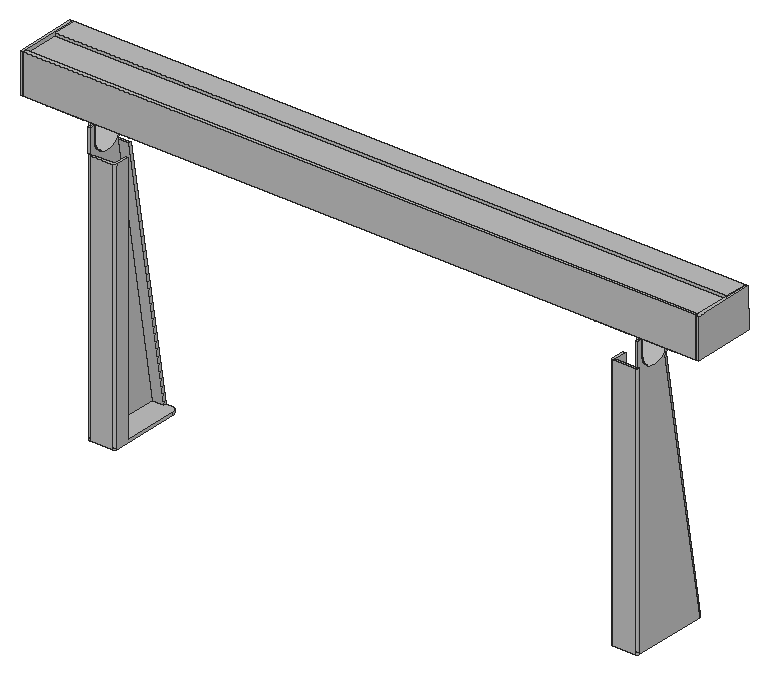
Revit family "4070750+4070747+4070772 Feilo Sylvania Lighting Fixtures CURSUS 591MM 365LM WIDE LED 3K with SINGLE WALL HOUSING with 250MM WALL BRACKET", category Lighting Fixtures, host Face, Revit 2017
Family settings
  Host = Face
  Round Connector Dimension = Use Diameter
  Part Type = Normal
  OmniClass Number = 23.80.70.14
  OmniClass Title = Luminaries for External Lighting
  Cut with Voids When Loaded = Yes
  Light Source = No
  Shared = No
  Room Calculation Point = No
Parameters (values of type "4070750 CURSUS 591MM 365LM WIDE LED 3K")
  Weight = "1.2 kg"
  Wattage Comments = "n/a"
  WarrantyStartDate [instance] = "n/a"
  WarrantyGuarantorParts = "n/a"
  WarrantyDurationUnit = "n/a"
  WarrantyDurationParts = "n/a"
  WarrantyDescription = "n/a"
  Voltage = 24 V
  URL = "http://www.sylvania-lighting.com"
  TypeName = "CURSUS 591MM 365LM WIDE LED 3K"
  TypeFixture_FEILO = CURSUS with SINGLE WALL HOUSING : CURSUS 591MM 365LM WIDE LED 3K
  Type Image = <None>
  Type Comments = "n/a"
  TiltAngle [instance] = 0.00°
  StartAngle [instance] = TiltAngle + 270.00°  # 270.00°
  SerialNumber [instance] = "n/a"
  ReflectorMaterial = none
  PowerFactor = 0
  PowerConsumption = "9 W"
  NominalLength = 591 mm
  NominalHeight = 50 mm
  NominalDepth = 30 mm
  Name = "CURSUS 591MM 365LM WIDE LED 3K"
  ModelReference = Name  # "CURSUS 591MM 365LM WIDE LED 3K"
  ModelNumber = "4070750"
  Model = Name  # "CURSUS 591MM 365LM WIDE LED 3K"
  Material = "natural anodised extruded aluminium structure housing"
  ManufacturerName = "Feilo Sylvania"
  Manufacturer = "Feilo Sylvania"
  LuminousEfficacy = "40.55 lm/W"
  LuminaireType = ""
  LightOutputRatio = "100"
  LampsType = Lamp  # "LED"
  LampNominalLuminous = "365 lm"
  LampMacAdamStep = "n/a"
  LampColourTemperature = "3000 K"
  LampColourRenderingIndex = "80"
  Lamp = "LED"
  Keynote = "16500"
  InstallationDate [instance] = "n/a"
  InputVoltage = "24V DC"
  InputNominalFrequency = "n/a"
  IngressProtection = "IP67"
  ImpactProtectionIndex = "IK07"
  IfcExportType = "IfcLightFixtureType"
  IfcExportAs = "IfcLightFixtureType"
  ExpectedLife = 50000
  EndAngle [instance] = StartAngle - 180.00°  # 90.00°
  ElectricShockClassification = "Class III"
  DurationUnit = "hours"
  DocumentationLiterature = "http://www.sylvania-lighting.com/product/en-int/products/4070750"
  DimmingControlOptions = "n/a"
  DiffuserMaterial = Diffuser-Sylvania-Glow
  Description = "LED Exterior Lighting Recessed Surface Mounted Linear Fixture, Natural anodised extruded aluminium structure. Die-cast aluminium end caps. Installation kit with harmonic steel springs., 365 lm, 9W, 40lm/W, 3000K, CRI80+,non dimmable,IP67, IK07, (HxWxD) 591x50x30mm, 3 step Mac Adam Ellipse, 1.2kg,, Classe III, 21-25V-DC, energy class : A++, A+, A"
  Default Elevation = 1219.2 mm
  CreatedOn = "1/8/2018"
  CreatedBy = ""
  Cost = 0
  built-in parameter 1114216 [instance] = (empty or 0)
  ClassificationValue = "EF_70_80"
  ClassificationName = "Uniclass2015"
  BracketWidth = 24 mm
  BracketThickness = 2 mm
  BracketHeightEnd = 32 mm
  BracketHeight = 70 mm
  BracketFlange = BracketHeight / 5  # 14 mm
  BracketExtension = 250 mm
  BracketEndReduction = 25 mm
  BracketC = 22 mm  # constant formula
  BracketDistance = 460 mm
  BracketD = BracketHeightEnd - (BracketC * (BracketHeight - BracketHeightEnd) / (BracketExtension - BracketEndReduction))  # 28.284 mm
  BodyMaterial = Body-Sylvania-Gray
  BarCode [instance] = "n/a"
  AssetType = "Fixed"
  AssetIdentifier [instance] = "n/a"
  Assembly Code = "D5020200"
  Apparent Load = 9 VA
  AccessoryMaterial = Diffuser-Sylvania-Glow
Reference planes
  plane 1 "Center (Front/Back)": y = 0
  plane 2: z = 0
  plane 3 "Center (Left/Right)": x = 0
  plane 4: x = -242
  plane 5: x = 242
  plane 6: y = 70
  plane 7: x = -218
  plane 8: x = 218
  plane 9: z = 250
  plane 10: z = 236
  plane 11: z = 2
  plane 12: z = 225
  plane 13: x = -240
  plane 14: y = 68
  plane 15: y = 2
  plane 16: x = -220
  plane 17: x = 220
  plane 18: x = 240
  plane 19: x = -230
  plane 20: x = 230
  plane 21: y = 14
  plane 22: y = 32
  plane 23: y = 30
  plane 24: z = 247
  plane 25: y = 28.284
  plane 26: y = 16
Forms (mm)
  Blend 1, solid, material "Body-Sylvania-Gray" <- "BodyMaterial"
    base sketch origin (1223.4, -4572, 2) x (0, -1, 0) y (1, 0, 0)
      loop
        line (-4640, -1453.4) -> (-4642, -1453.4) -> (-4642, -1463.4)
        arc (-4642, -1463.4) -> (-4641.414, -1464.814) -> (-4640, -1465.4) r 2
        line (-4640, -1465.4) -> (-4574, -1465.4)
        arc (-4574, -1465.4) -> (-4572.586, -1464.814) -> (-4572, -1463.4) r 2
        line (-4572, -1463.4) -> (-4572, -1443.4)
        arc (-4572, -1443.4) -> (-4572.586, -1441.986) -> (-4574, -1441.4) r 2
        line (-4574, -1441.4) -> (-4586, -1441.4) -> (-4586, -1443.4) -> (-4574, -1443.4) -> (-4574, -1463.4) -> (-4640, -1463.4) -> (-4640, -1453.4)
    top sketch origin (1223.4, -4572, 2) x (0, -1, 0) y (1, 0, 0)
      loop
        line (-4586, -1443.4) -> (-4574, -1443.4) -> (-4574, -1463.4) -> (-4602, -1463.4) -> (-4602, -1453.4) -> (-4604, -1453.4) -> (-4604, -1463.4)
        arc (-4604, -1463.4) -> (-4603.52, -1464.71) -> (-4602.309, -1465.4) r 2.028
        line (-4602.309, -1465.4) -> (-4574, -1465.4)
        arc (-4574, -1465.4) -> (-4572.586, -1464.814) -> (-4572, -1463.4) r 2
        line (-4572, -1463.4) -> (-4572, -1443.4)
        arc (-4572, -1443.4) -> (-4572.586, -1441.986) -> (-4574, -1441.4) r 2
        line (-4574, -1441.4) -> (-4586, -1441.4) -> (-4586, -1443.4)
    from 0 to 223
  Extrusion 2, solid, material "Body-Sylvania-Gray" <- "BodyMaterial"
    sketch origin (0, 0, 0) x (1, 0, 0) y (0, 1, 0)
      loop
        arc (-240, 70) -> (-241.414, 69.414) -> (-242, 68) r 2
        line (-242, 68) -> (-242, 2)
        arc (-242, 2) -> (-241.414, 0.586) -> (-240, 0) r 2
        line (-240, 0) -> (-220, 0)
        arc (-220, 0) -> (-218.586, 0.586) -> (-218, 2) r 2
        line (-218, 2) -> (-218, 62.5)
        arc (-218, 62.5) -> (-220.197, 67.803) -> (-225.5, 70) r 7.5
        line (-225.5, 70) -> (-240, 70)
      loop
        line (240, 70) -> (225.5, 70)
        arc (225.5, 70) -> (220.197, 67.803) -> (218, 62.5) r 7.5
        line (218, 62.5) -> (218, 2)
        arc (218, 2) -> (218.586, 0.586) -> (220, 0) r 2
        line (220, 0) -> (240, 0)
        arc (240, 0) -> (241.414, 0.586) -> (242, 2) r 2
        line (242, 2) -> (242, 68)
        arc (242, 68) -> (241.414, 69.414) -> (240, 70) r 2
    from 0 to 2
  Blend 3, solid, material "Body-Sylvania-Gray" <- "BodyMaterial"
    base sketch origin (1223.4, -4572, 2) x (0, -1, 0) y (1, 0, 0)
      loop
        line (-4640, -983.4) -> (-4574, -983.4) -> (-4574, -1003.4) -> (-4586, -1003.4) -> (-4586, -1005.4) -> (-4574, -1005.4)
        arc (-4574, -1005.4) -> (-4572.586, -1004.814) -> (-4572, -1003.4) r 2
        line (-4572, -1003.4) -> (-4572, -983.4)
        arc (-4572, -983.4) -> (-4572.586, -981.986) -> (-4574, -981.4) r 2
        line (-4574, -981.4) -> (-4640, -981.4)
        arc (-4640, -981.4) -> (-4641.414, -981.986) -> (-4642, -983.4) r 2
        line (-4642, -983.4) -> (-4642, -993.4) -> (-4640, -993.4) -> (-4640, -983.4)
    top sketch origin (1223.4, -4572, 2) x (0, -1, 0) y (1, 0, 0)
      loop
        line (-4602, -993.4) -> (-4602, -983.4) -> (-4574, -983.4) -> (-4574, -1003.4) -> (-4586, -1003.4) -> (-4586, -1005.4) -> (-4574, -1005.4)
        arc (-4574, -1005.4) -> (-4572.586, -1004.814) -> (-4572, -1003.4) r 2
        line (-4572, -1003.4) -> (-4572, -983.4)
        arc (-4572, -983.4) -> (-4572.586, -981.986) -> (-4574, -981.4) r 2
        line (-4574, -981.4) -> (-4602, -981.4)
        arc (-4602, -981.4) -> (-4603.414, -981.986) -> (-4604, -983.4) r 2
        line (-4604, -983.4) -> (-4604, -993.4) -> (-4602, -993.4)
    from 0 to 223
  Blend 4, solid, material "Body-Sylvania-Gray" <- "BodyMaterial"
    base sketch origin (1223.4, -4572, 225) x (0, -1, 0) y (1, 0, 0)
      loop
        line (-4604, -1465.4) -> (-4572, -1465.4) -> (-4572, -1463.4) -> (-4604, -1463.4) -> (-4604, -1465.4)
    top sketch origin (1223.4, -4572, 225) x (0, -1, 0) y (1, 0, 0)
      loop
        line (-4572, -1465.4) -> (-4572, -1463.4) -> (-4600.284, -1463.4) -> (-4600.284, -1465.4) -> (-4572, -1465.4)
    from 0 to 22
  Blend 5, solid, material "Body-Sylvania-Gray" <- "BodyMaterial"
    base sketch origin (1223.4, -4572, 225) x (0, -1, 0) y (1, 0, 0)
      loop
        line (-4604, -983.4) -> (-4572, -983.4) -> (-4572, -981.4) -> (-4604, -981.4) -> (-4604, -983.4)
    top sketch origin (1223.4, -4572, 225) x (0, -1, 0) y (1, 0, 0)
      loop
        line (-4572, -981.4) -> (-4600.284, -981.4) -> (-4600.284, -983.4) -> (-4572, -983.4) -> (-4572, -981.4)
    from 0 to 22
  Extrusion 6, void
    sketch origin (0, 0, 0) x (0, 1, 0) y (0, 0, 1)
      loop
        line (0, 225) -> (2, 225) -> (2, 226.5) -> (0, 226.5) -> (0, 225)
      loop
        line (32, 225) -> (32, 226.5) -> (30, 226.5) -> (30, 225) -> (32, 225)
    from -242 to 242
  Revolve 7, solid, not visible
    sketch origin (1524, 16, 1219.2) x (1, 0, 0) y (0, 0, 1)
      loop
        line (-1524, -972.2) -> (-1524, -983.2) -> (-1294, -983.2) -> (-1294, -972.2) -> (-1524, -972.2)
      axis (-1294, -983.2) -> (-1524, -983.2)
    angle from 270 <- "StartAngle" to 90 <- "EndAngle"
Cuts and joins
  Extrusion 6 cuts Blend 4
  Extrusion 6 cuts Blend 5
  joined: Blend 1, Extrusion 2, Blend 3, Blend 4, Blend 5
Lines and regions (mm)
  reference lines, not visible
    curve 1: line (-218, 16, 236) -> (218, 16, 236)
Dimensions and locks
  equal spacing: plane 4, plane 3 "Center (Left/Right)", plane 5
  "BracketDistance": plane 19 to plane 20
  "BracketHeight": plane 1 "Center (Front/Back)" to plane 6
  equal spacing: plane 7, plane 3 "Center (Left/Right)", plane 8
  "BracketWidth": plane 4 to plane 7
  "BracketExtension": plane 9 to plane 2
  "BracketThickness": plane 11 to plane 2
  "BracketEndReduction": plane 9 to plane 12
  equal spacing: plane 13, plane 3 "Center (Left/Right)", plane 18
  equal spacing: plane 16, plane 3 "Center (Left/Right)", plane 17
  "BracketThickness": plane 4 to plane 13
  "BracketThickness": plane 16 to plane 7
  "BracketThickness": plane 14 to plane 6
  "BracketThickness": plane 1 "Center (Front/Back)" to plane 15
  equal spacing: plane 4, plane 19, plane 7
  equal spacing: plane 8, plane 20, plane 5
  "BracketFlange": plane 1 "Center (Front/Back)" to plane 21
  "BracketHeightEnd": plane 1 "Center (Front/Back)" to plane 22
  "BracketThickness": plane 23 to plane 22
  locked: Extrusion 2 sketch curve to plane 7 at 7.5
  locked: Extrusion 2 sketch curve to plane 6 at 7.5  (x2)
  locked: plane 8 to Extrusion 2 sketch curve at 7.5
  "BracketC": plane 24 to plane 12
  "BracketD": plane 1 "Center (Front/Back)" to plane 25
  locked: plane 12 to Extrusion 6 sketch curve at 1.5
  equal spacing: plane 24, plane 10, plane 12
  equal spacing: plane 1 "Center (Front/Back)", plane 26, plane 22
  aligned and locked: plane 2 to host face
  aligned and locked: level to host face
  aligned and locked: plane 4 to Blend 1 sketch curve  (x2)
  aligned and locked: plane 13 to Blend 1 sketch curve  (x3)
  aligned and locked: Blend 1 sketch curve to plane 15
  aligned and locked: Blend 1 sketch curve to plane 16
  aligned and locked: Blend 1 sketch curve to plane 21
  aligned and locked: plane 7 to Blend 1 sketch curve
  aligned and locked: plane 16 to Blend 1 sketch curve
  aligned and locked: plane 1 "Center (Front/Back)" to Blend 1 sketch curve
  aligned and locked: plane 14 to Blend 1 sketch curve
  aligned and locked: Blend 1 sketch curve to var sketch  (x6)
  aligned and locked: Blend 1 sketch curve to plane 19
  aligned and locked: Blend 1 sketch curve to plane 22
  aligned and locked: plane 23 to Blend 1 sketch curve
  aligned and locked: plane 11 to Blend 1
  aligned and locked: Extrusion 2 sketch curve to Blend 1  (x3)
  aligned and locked: Extrusion 2 to level
  aligned and locked: Extrusion 2 to plane 11
  aligned and locked: Extrusion 2 sketch curve to plane 7
  aligned and locked: plane 18 to Blend 3 sketch curve  (x4)
  aligned and locked: plane 14 to Blend 3 sketch curve  (x2)
  aligned and locked: Blend 3 sketch curve to plane 20
  aligned and locked: Blend 3 sketch curve to plane 6
  aligned and locked: plane 5 to Blend 3 sketch curve
  aligned and locked: plane 1 "Center (Front/Back)" to Blend 3 sketch curve
  aligned and locked: plane 15 to Blend 3 sketch curve  (x2)
  aligned and locked: Blend 3 sketch curve to plane 8
  aligned and locked: Blend 3 sketch curve to plane 21
  aligned and locked: plane 17 to Blend 3 sketch curve
  aligned and locked: Blend 3 sketch curve to plane 18
  aligned and locked: plane 20 to Blend 3 sketch curve  (x2)
  aligned and locked: Blend 3 sketch curve to plane 23
  aligned and locked: Blend 3 sketch curve to var sketch  (x8)
  aligned and locked: var sketch to Blend 3 sketch curve
  aligned and locked: plane 22 to Blend 3 sketch curve
  aligned and locked: plane 11 to Blend 3
  aligned and locked: Extrusion 2 sketch curve to Blend 3  (x4)
  aligned and locked: Blend 1 to plane 12
  aligned and locked: Blend 3 to plane 12
  aligned and locked: Blend 4 sketch curve to plane 22
  aligned and locked: Blend 4 sketch curve to cut or joined group of Blend 1, Extrusion 2, Blend 3, Blend 4, Blend 5, Extrusion 6  (x2)
  aligned and locked: cut or joined group of Blend 1, Extrusion 2, Blend 3, Blend 4, Blend 5, Extrusion 6 to Blend 4 sketch curve
  aligned and locked: Blend 4 sketch curve to var sketch  (x2)
  aligned and locked: Blend 4 sketch curve to plane 13
  aligned and locked: Blend 4 to plane 24
  aligned and locked: Blend 4 sketch curve to plane 25
  aligned and locked: Blend 5 sketch curve to plane 18  (x2)
  aligned and locked: plane 1 "Center (Front/Back)" to Blend 5 sketch curve
  aligned and locked: plane 5 to Blend 5 sketch curve
  aligned and locked: plane 22 to Blend 5 sketch curve
  aligned and locked: Blend 5 sketch curve to var sketch
  aligned and locked: var sketch to Blend 5 sketch curve
  aligned and locked: Blend 5 sketch curve to plane 25
  aligned and locked: Blend 5 to plane 24
  aligned and locked: plane 12 to Blend 5
  aligned and locked: Extrusion 6 sketch curve to cut or joined group of Blend 1, Extrusion 2, Blend 3, Blend 4, Blend 5, Extrusion 6  (x2)
  aligned and locked: Extrusion 6 sketch curve to Extrusion 6 sketch curve
  aligned and locked: Extrusion 6 sketch curve to plane 15
  aligned and locked: plane 5 to Extrusion 6
  aligned and locked: Extrusion 6 to plane 4
  aligned and locked: Extrusion 6 sketch curve to plane 23
  aligned and locked: Revolve 7 sketch curve to plane 10  (x2)
  aligned and locked: plane 24 to Revolve 7 sketch curve
  aligned and locked: plane 3 "Center (Left/Right)" to Revolve 7 sketch curve
  aligned and locked: Revolve 7 sketch curve to plane 20
  aligned and locked: plane 7 to curve 1
  aligned and locked: plane 10 to curve 1
  aligned and locked: nested 1 to plane 5
  aligned and locked: nested 2 to plane 4
  aligned and locked: nested 1 to curve 1
  aligned and locked: nested 2 to curve 1
  aligned and locked: nested 1 to nested 3
  aligned and locked: nested 3 to plane 3 "Center (Left/Right)"
Automatic sketch dimensions
  host sketch curve to host sketch curve = 2438.4 mm  (x2)
  Blend 1 sketch curve to plane 13 = 0 mm
  plane 15 to Blend 1 sketch curve = 0 mm  (x3)
  Blend 1 sketch curve to plane 23 = 0.309 mm
  plane 6 to Blend 1 sketch curve = 0 mm
  plane 14 to Blend 1 sketch curve = 0 mm
  Blend 1 sketch curve to plane 19 = 0 mm
  Blend 3 sketch curve to plane 17 = 0 mm
  Extrusion 6 sketch curve to plane 1 "Center (Front/Back)" = 0 mm
  plane 12 to Extrusion 6 sketch curve = 0 mm
  Revolve 7 sketch curve to plane 4 = 1153 mm
  plane 5 to Revolve 7 sketch curve = 1161.4 mm
  curve 1 to plane 8 = 0 mm
Nested families
  nested 1: "MountingPlate" at (241, 16, 236) x (-1, 0, 0) z (0, 0, 1), type "MountingPlate"
  nested 2: "MountingPlate" at (-241, 16, 236) x (-1, 0, 0) z (0, 0, 1), type "MountingPlate"
  nested 3: "CURSUS with SINGLE WALL HOUSING" at (0, -4, 254) x (-1, 0, 0) z (0, 0, 1), type <- "TypeFixture_FEILO", type "CURSUS 591MM 365LM WIDE LED 3K"
    with WarrantyStartDate "n/a", SerialNumber "n/a", InstallationDate "n/a", EndCapRight yes, EndCapLeft yes, built-in parameter 1114216 (empty or 0), BarCode "n/a", AssetIdentifier "n/a"
Connectors
  electrical at (0, 0, 0), driven by "Voltage", driven by "Apparent Load", driven by "PowerFactor"
    settings: index 1, voltage 24 V, apparent load 9 VA, apparent load phase1 0 VA, apparent load phase2 0 VA, apparent load phase3 0 VA, power factor 0, load classification "Other", number of poles 1, system type 30, power factor state 1, is connector primary yes, connector utility no, sub classification motor no, connector description ""
Definition of nested family "MountingPlate"
  Parameters (values of type "MountingPlate")
    URL = "http://www.feilosylvania.com"
    Type Comments = "n/a"
    ReflectorMaterial = none
    MountingPlateWidth = 76 mm
    MountingPlateThickness = 2 mm
    MountingPlateRadiusBack = 12 mm
    MountingPlateRadius = 3 mm
    MountingPlateHeight = 35 mm
    Model = "n/a"
    Manufacturer = "Feilo Sylvania"
    Keynote = "n/a"
    DiffuserMaterial = none
    Description = "n/a"
    Default Elevation = 1219.2 mm
    Cost = 0
    BodyMaterial = none
    Assembly Code = "n/a"
    AccessoryMaterial = none
  Reference planes
    plane 1 "Center (Front/Back)": y = 0
    plane 2: z = 0
    plane 3 "Center (Left/Right)": x = 0
    plane 4: x = -38
    plane 5: x = 38
    plane 6: y = 17.5
    plane 7: y = -17.5
    plane 8: x = -3
    plane 9: x = 3
    plane 10: z = 18
    plane 11: z = 16
    plane 12: y = 12.5
    plane 13: y = -12.5
    plane 14: x = -1
    plane 15: x = 1
    plane 16: z = -12.5
    plane 17: z = -14.5
  Forms (mm)
    Extrusion 1, solid
      sketch origin (1.653, 0, 0) x (1, 0, 0) y (0, 1, 0)
        loop
          line (-1219.2, 1219.2) -> (-1219.2, -1219.2) -> (1219.2, -1219.2) -> (1219.2, 1219.2) -> (-1219.2, 1219.2)
      from 0 to -304.8
    Extrusion 2, solid, material <- "BodyMaterial"
      sketch origin (1218.4, -4572, 16) x (0, -1, 0) y (-1, 0, 0)
        loop
          line (-4589.5, 1253.4) -> (-4589.5, 1224.4)
          arc (-4589.5, 1224.4) -> (-4588.621, 1222.279) -> (-4586.5, 1221.4) r 3
          line (-4586.5, 1221.4) -> (-4557.5, 1221.4)
          arc (-4557.5, 1221.4) -> (-4555.379, 1222.279) -> (-4554.5, 1224.4) r 3
          line (-4554.5, 1224.4) -> (-4554.5, 1253.4)
          arc (-4554.5, 1253.4) -> (-4555.379, 1255.521) -> (-4557.5, 1256.4) r 3
          line (-4557.5, 1256.4) -> (-4586.5, 1256.4)
          arc (-4586.5, 1256.4) -> (-4588.621, 1255.521) -> (-4589.5, 1253.4) r 3
        loop
          arc (-4589.5, 1183.4) -> (-4588.621, 1181.279) -> (-4586.5, 1180.4) r 3
          line (-4586.5, 1180.4) -> (-4557.5, 1180.4)
          arc (-4557.5, 1180.4) -> (-4555.379, 1181.279) -> (-4554.5, 1183.4) r 3
          line (-4554.5, 1183.4) -> (-4554.5, 1212.4)
          arc (-4554.5, 1212.4) -> (-4555.379, 1214.521) -> (-4557.5, 1215.4) r 3
          line (-4557.5, 1215.4) -> (-4586.5, 1215.4)
          arc (-4586.5, 1215.4) -> (-4588.621, 1214.521) -> (-4589.5, 1212.4) r 3
          line (-4589.5, 1212.4) -> (-4589.5, 1183.4)
      from 0 to -2
    Extrusion 3, solid, material <- "BodyMaterial"
      sketch origin (0, 0, 0) x (1, 0, 0) y (0, 0, 1)
        loop
          line (-3, 18) -> (-3, -12.5) -> (-1, -12.5) -> (-1, 16)
          arc (-1, 16) -> (-1.586, 17.414) -> (-3, 18) r 2
        loop
          line (3, -12.5) -> (3, 18)
          arc (3, 18) -> (1.586, 17.414) -> (1, 16) r 2
          line (1, 16) -> (1, -12.5) -> (3, -12.5)
      from -12.5 to 12.5
    Extrusion 4, void
      sketch origin (0, 0, 0) x (0, 1, 0) y (0, 0, 1)
        loop
          line (-12.5, -0.5) -> (-17.5, -0.5) -> (-17.5, -14.5) -> (-0.5, -14.5) -> (-0.5, -12.5)
          arc (-0.5, -12.5) -> (-8.985, -8.985) -> (-12.5, -0.5) r 12
        loop
          line (0.5, -12.5) -> (0.5, -14.5) -> (17.5, -14.5) -> (17.5, -0.5) -> (12.5, -0.5)
          arc (12.5, -0.5) -> (8.985, -8.985) -> (0.5, -12.5) r 12
      from -3 to 3
  Cuts and joins
    Extrusion 4 cuts Extrusion 2
    Extrusion 4 cuts Extrusion 3
    joined: Extrusion 2, Extrusion 3
  Lines and regions (mm)
    reference lines
      curve 1: line (-38, 0, 0) -> (38, 0, 0)
  Dimensions and locks
    equal spacing: plane 4, plane 3 "Center (Left/Right)", plane 5
    "MountingPlateWidth": plane 4 to plane 5
    equal spacing: plane 7, plane 1 "Center (Front/Back)", plane 6
    "MountingPlateHeight": plane 7 to plane 6
    equal spacing: plane 8, plane 3 "Center (Left/Right)", plane 9
    "MountingPlateHeight": plane 4 to plane 8
    locked: plane 10 to plane 2 at 18
    "MountingPlateThickness": plane 10 to plane 11
    equal spacing: plane 13, plane 1 "Center (Front/Back)", plane 12
    locked: plane 13 to plane 12 at 25
    "MountingPlateRadius": plane 4 to Extrusion 2 sketch curve  (x2)
    "MountingPlateRadius": Extrusion 2 sketch curve to plane 6  (x4)
    "MountingPlateRadius": Extrusion 2 sketch curve to plane 8  (x2)
    "MountingPlateRadius": plane 7 to Extrusion 2 sketch curve  (x4)
    "MountingPlateRadius": plane 9 to Extrusion 2 sketch curve  (x2)
    "MountingPlateRadius": Extrusion 2 sketch curve to plane 5  (x2)
    equal spacing: plane 15, plane 3 "Center (Left/Right)", plane 14
    "MountingPlateThickness": plane 14 to plane 8
    locked: plane 2 to plane 16 at 12.5
    locked: plane 17 to plane 16 at 2
    "MountingPlateRadiusBack": plane 13 to Extrusion 4 sketch curve
    "MountingPlateRadiusBack": plane 16 to Extrusion 4 sketch curve  (x2)
    "MountingPlateRadiusBack": Extrusion 4 sketch curve to plane 12
    aligned and locked: plane 2 to Extrusion 1
    aligned and locked: level to Extrusion 1
    aligned and locked: Extrusion 2 sketch curve to plane 6
    aligned and locked: Extrusion 2 sketch curve to plane 4
    aligned and locked: plane 7 to Extrusion 2 sketch curve
    aligned and locked: plane 8 to Extrusion 2 sketch curve
    aligned and locked: plane 6 to Extrusion 2 sketch curve
    aligned and locked: Extrusion 2 sketch curve to plane 5
    aligned and locked: Extrusion 2 sketch curve to plane 7
    aligned and locked: plane 9 to Extrusion 2 sketch curve
    aligned and locked: Extrusion 2 to plane 10
    aligned and locked: plane 11 to Extrusion 2
    aligned and locked: Extrusion 3 sketch curve to Extrusion 2  (x2)
    aligned and locked: plane 16 to Extrusion 3 sketch curve  (x2)
    aligned and locked: plane 14 to Extrusion 3 sketch curve
    aligned and locked: plane 9 to Extrusion 3 sketch curve
    aligned and locked: plane 15 to Extrusion 3 sketch curve
    aligned and locked: Extrusion 3 to plane 12
    aligned and locked: plane 13 to Extrusion 3
    aligned and locked: plane 17 to Extrusion 4 sketch curve  (x2)
    aligned and locked: Extrusion 4 sketch curve to plane 7
    aligned and locked: Extrusion 4 sketch curve to plane 6
    aligned and locked: plane 9 to Extrusion 4
    aligned and locked: Extrusion 4 to plane 8
    aligned and locked: plane 4 to curve 1
    aligned and locked: curve 1 to level
  Automatic sketch dimensions
    Extrusion 1 sketch curve to Extrusion 1 sketch curve = 2438.4 mm  (x2)
    Extrusion 3 sketch curve to plane 11 = 0 mm
    curve 1 to plane 5 = 0 mm
    Extrusion 4 sketch curve to plane 13 = 0 mm
    Extrusion 4 sketch curve to plane 12 = 0 mm
Definition of nested family "CURSUS with SINGLE WALL HOUSING"
  Parameters (values of type "CURSUS 1161MM 827LM OVAL LED 3K")
    Width_FEILO = 35 mm
    Weight = "2.2 kg"
    Wattage Comments = "n/a"
    Wattage = 18 W
    WarrantyStartDate [instance] = "n/a"
    WarrantyGuarantorParts = "n/a"
    WarrantyDurationUnit = "n/a"
    WarrantyDurationParts = "n/a"
    WarrantyDescription = "n/a"
    WallThickness_FEILO = 2.5 mm
    built-in parameter 1150110 = 1 (stored number, unit not read)
    Voltage = 24 V
    URL = "http://www.feilosylvania.com"
    TypeName = "CURSUS 1161MM 827LM OVAL LED 3K"
    Type Image = (empty or 0)
    Type Comments = "n/a"
    built-in parameter 1114217 = 1 (stored number, unit not read)
    Tilt Angle = -90.00°
    built-in parameter 1150109 = 1 (stored number, unit not read)
    built-in parameter 1150134 = (empty or 0)
    built-in parameter 1150113 = 1 (stored number, unit not read)
    SerialNumber [instance] = "n/a"
    ReflectorMaterial = none
    PowerFactor = 0
    PowerConsumption = "18 W"
    Photometric Web File = "4070765.ies"
    NominalLength = 1161 mm
    NominalHeight = 50 mm
    NominalDepth = 30 mm
    Name = "CURSUS 1161MM 827LM OVAL LED 3K"
    ModelReference = Name  # "CURSUS 1161MM 827LM OVAL LED 3K"
    ModelNumber = ""
    Model = Name  # "CURSUS 1161MM 827LM OVAL LED 3K"
    Material = "natural anodised extruded aluminium structure housing, optical system with pmma lenses diffuser"
    ManufacturerName = "Feilo Sylvania"
    Manufacturer = "Feilo Sylvania"
    LuminousEfficacy = "45.94 lm/W"
    built-in parameter 1150105 = 1166.5 (stored number, unit not read)
    Lumens = 827 lm
    LuminaireType = ""
    built-in parameter 1150115 = 1 (stored number, unit not read)
    LightOutputRatio = "100"
    built-in parameter 1150137 = (empty or 0)
    built-in parameter 1150139 = (empty or 0)
    Length_FEILO = 1167 mm
    LampsType = Lamp  # "LED"
    LampNominalLuminous = "827 lm"
    LampMacAdamStep = "n/a"
    LampColourTemperature = "3000 K"
    LampColourRenderingIndex = "80"
    built-in parameter 1150112 = 1 (stored number, unit not read)
    built-in parameter 1150114 = 1 (stored number, unit not read)
    Lamp = "LED"
    Keynote = "16500"
    InstallationDate [instance] = "n/a"
    InputVoltage = "24V DC"
    InputNominalFrequency = "n/a"
    built-in parameter 1150132 = (empty or 0)
    built-in parameter 1150102 = (empty or 0)
    built-in parameter 1150107 = 3000 (stored number, unit not read)
    built-in parameter 1150138 = (empty or 0)
    IngressProtection = "IP67"
    ImpactProtectionIndex = "IK07"
    built-in parameter 1150106 = 11.665 (stored number, unit not read)
    IfcExportType = "IfcLightFixtureType"
    IfcExportAs = "IfcLightFixtureType"
    ExpectedLife = 50000
    EndCapRight [instance] = yes
    EndCapLeft [instance] = yes
    Emit from Rectangle Width = Width_FEILO - WallThickness_FEILO * 2  # 30 mm
    Emit from Rectangle Length = Length_FEILO - WallThickness_FEILO * 2  # 1162 mm
    Emit Shape Visible in Rendering = no
    ElectricShockClassification = "Class III"
    built-in parameter 1150104 = 4.2684 (stored number, unit not read)
    DurationUnit = "hours"
    DocumentationLiterature = "http://www.feilosylvania.com/product/en-int/products/4070765"
    DimmingControlOptions = "n/a"
    Dimming Lamp Color Temperature Shift = (empty or 0)
    DiffuserMaterial = none
    Description = "LED Exterior Lighting Recessed Surface Mounted Linear Fixture, Natural anodised extruded aluminium structure. Die-cast aluminium end caps. Installation kit with harmonic steel springs., 827 lm, 18W, 45lm/W, 3000K, CRI80+,non dimmable,IP67, IK07, (HxWxD) 1161x50x30mm, 3 step Mac Adam Ellipse, 2.2kg,, Classe III, 21-25V-DC, energy class : A++, A+, A"
    Default Elevation = 1219.2 mm
    CreatedOn = "1/8/2018"
    CreatedBy = "aron.fodor@feilosylvania.com"
    Cost = 0
    Color Filter = 16777215
    built-in parameter 1114216 [instance] = (empty or 0)
    ClassificationValue = "EF_70_80"
    ClassificationName = "Uniclass2015"
    BodyMaterial = none
    BarCode [instance] = "n/a"
    built-in parameter 1114218 = 1 (stored number, unit not read)
    built-in parameter 1150133 = 10 (stored number, unit not read)
    AssetType = "Fixed"
    AssetIdentifier [instance] = "n/a"
    Assembly Code = "D5020200"
    Apparent Load = 18 VA
    AccessoryMaterial = none
  Types (16, lengths in mm): name | Weight | Wattage | Voltage | TypeName | built-in parameter 1150134 | PowerConsumption | Photometric Web File | NominalLength | Name | ModelReference | Model | Material | LuminousEfficacy | built-in parameter 1150105 | Lumens | Length_FEILO | LampNominalLuminous | LampColourTemperature | InputVoltage | InputNominalFrequency | built-in parameter 1150107 | built-in parameter 1150106 | Emit from Rectangle Length | built-in parameter 1150104 | DocumentationLiterature | Description | Apparent Load
    CURSUS 1161MM 827LM OVAL LED 3K | "2.2 kg" | 18 W | 24 V | "CURSUS 1161MM 827LM OVAL LED 3K" | (empty or 0) | "18 W" | "4070765.ies" | 1161 | "CURSUS 1161MM 827LM OVAL LED 3K" | "CURSUS 1161MM 827LM OVAL LED 3K" | "CURSUS 1161MM 827LM OVAL LED 3K" | "natural anodised extruded aluminium structure housing, optical system with pmma lenses diffuser" | "45.94 lm/W" | 1166.5 (stored number, unit not read) | 827 lm | 1167 | "827 lm" | "3000 K" | "24V DC" | "n/a" | 3000 (stored number, unit not read) | 11.665 (stored number, unit not read) | 1162 | 4.2684 (stored number, unit not read) | "http://www.feilosylvania.com/product/en-int/products/4070765" | "LED Exterior Lighting Recessed Surface Mounted Linear Fixture, Natural anodised extruded aluminium structure. Die-cast aluminium end caps. Installation kit with harmonic steel springs., 827 lm, 18W, 45lm/W, 3000K, CRI80+,non dimmable,IP67, IK07, (HxWxD) 1161x50x30mm, 3 step Mac Adam Ellipse, 2.2kg,, Classe III, 21-25V-DC, energy class : A++, A+, A" | 18 VA
    CURSUS 1161MM 731LM WIDE LED 3K | "2.2 kg" | 18 W | 230 V | "CURSUS 1161MM 731LM WIDE LED 3K" | (empty or 0) | "18 W" | "4070764.ies" | 1161 | "CURSUS 1161MM 731LM WIDE LED 3K" | "CURSUS 1161MM 731LM WIDE LED 3K" | "CURSUS 1161MM 731LM WIDE LED 3K" | "natural anodised extruded aluminium structure housing" | "40.61 lm/W" | 403.47 (stored number, unit not read) | 731 lm | 1167 | "731 lm" | "3000 K" | "220-240V~" | "n/a" | 3000 (stored number, unit not read) | 4.0347 (stored number, unit not read) | 1162 | 3.7729 (stored number, unit not read) | "http://www.feilosylvania.com/product/en-int/products/4070764" | "LED Exterior Lighting Recessed Surface Mounted Linear Fixture, Natural anodised extruded aluminium structure. Die-cast aluminium end caps. Installation kit with harmonic steel springs., 731 lm, 18W, 40lm/W, 3000K, CRI80+,non dimmable,IP67, IK07, (HxWxD) 1161x50x30mm, 3 step Mac Adam Ellipse, 2.2kg,, Classe III, 21-25V-DC, energy class : A++, A+, A" | 18 VA
    CURSUS 1161MM 871LM OVAL LED 4K | "2.2 kg" | 18 W | 24 V | "CURSUS 1161MM 871LM OVAL LED 4K" | 12 | "18 W" | "4070763.ies" | 1161 | "CURSUS 1161MM 871LM OVAL LED 4K" | "CURSUS 1161MM 871LM OVAL LED 4K" | "CURSUS 1161MM 871LM OVAL LED 4K" | "natural anodised extruded aluminium structure housing, optical system with pmma lenses diffuser" | "48.38 lm/W" | 1192.8 (stored number, unit not read) | 871 lm | 1167 | "871 lm" | "4000 K" | "24V DC" | "50/60 Hz" | 4000 (stored number, unit not read) | 11.928 (stored number, unit not read) | 1162 | 4.4955 (stored number, unit not read) | "http://www.feilosylvania.com/product/en-int/products/4070763" | "LED Exterior Lighting Recessed Surface Mounted Linear Fixture, Natural anodised extruded aluminium structure. Die-cast aluminium end caps. Installation kit with harmonic steel springs., 871 lm, 18W,  48lm/W, 4000K, CRI80+,non dimmable,IP67, IK07, (HxWxD) 1161x50x30mm, 3 step Mac Adam Ellipse, 2.2kg,, Classe III, 21-25V-DC, energy class : A++, A+, A" | 18 VA
    CURSUS 1161MM 770LM WIDE LED 4K | "2.2 kg" | 18 W | 230 V | "CURSUS 1161MM 770LM WIDE LED 4K" | 12 | "18 W" | "4070762.ies" | 1161 | "CURSUS 1161MM 770LM WIDE LED 4K" | "CURSUS 1161MM 770LM WIDE LED 4K" | "CURSUS 1161MM 770LM WIDE LED 4K" | "natural anodised extruded aluminium structure housing" | "42.77 lm/W" | 424.94 (stored number, unit not read) | 770 lm | 1167 | "770 lm" | "4000 K" | "220-240V~" | "n/a" | 4000 (stored number, unit not read) | 4.2494 (stored number, unit not read) | 1162 | 3.9742 (stored number, unit not read) | "http://www.feilosylvania.com/product/en-int/products/4070762" | "LED Exterior Lighting Recessed Surface Mounted Linear Fixture, Natural anodised extruded aluminium structure. Die-cast aluminium end caps. Installation kit with harmonic steel springs., 770 lm, 18W,  42lm/W, 4000K, CRI80+,non dimmable,IP67, IK07, (HxWxD) 1161x50x30mm, 3 step Mac Adam Ellipse, 2.2kg,, Classe III, 21-25V-DC, energy class : A++, A+, A" | 18 VA
    CURSUS 876MM 620LM OVAL LED 3K | "1.7 kg" | 13.5 W | 24 V | "CURSUS 876MM 620LM OVAL LED 3K" | (empty or 0) | "13.5 W" | "4070758.ies" | 876 | "CURSUS 876MM 620LM OVAL LED 3K" | "CURSUS 876MM 620LM OVAL LED 3K" | "CURSUS 876MM 620LM OVAL LED 3K" | "natural anodised extruded aluminium structure housing, optical system with pmma lenses diffuser" | "45.92 lm/W" | 874.55 (stored number, unit not read) | 620 lm | 882 | "620 lm" | "3000 K" | "24V DC" | "50/60 Hz" | 3000 (stored number, unit not read) | 8.7455 (stored number, unit not read) | 877 | 4.2667 (stored number, unit not read) | "http://www.feilosylvania.com/product/en-int/products/4070758" | "LED Exterior Lighting Recessed Surface Mounted Linear Fixture, Natural anodised extruded aluminium structure. Die-cast aluminium end caps. Installation kit with harmonic steel springs., 620 lm, 13,5W, 45lm/W, 3000K, CRI80+,non dimmable,IP67, IK07, (HxWxD) 876x50x30mm, 3 step Mac Adam Ellipse, 1.7kg,, Classe III, 21-25V-DC, energy class : A++, A+, A" | 13.5 VA
    CURSUS 876MM 548LM WIDE LED 3K | "1.7 kg" | 13.5 W | 24 V | "CURSUS 876MM 548LM WIDE LED 3K" | (empty or 0) | "13.5 W" | "4070757.ies" | 876 | "CURSUS 876MM 548LM WIDE LED 3K" | "CURSUS 876MM 548LM WIDE LED 3K" | "CURSUS 876MM 548LM WIDE LED 3K" | "natural anodised extruded aluminium structure housing" | "40.59 lm/W" | 302.47 (stored number, unit not read) | 548 lm | 882 | "548 lm" | "3000 K" | "24V DC" | "n/a" | 3000 (stored number, unit not read) | 3.0247 (stored number, unit not read) | 877 | 3.7712 (stored number, unit not read) | "http://www.feilosylvania.com/product/en-int/products/4070757" | "LED Exterior Lighting Recessed Surface Mounted Linear Fixture, Natural anodised extruded aluminium structure. Die-cast aluminium end caps. Installation kit with harmonic steel springs., 548 lm, 13,5W, 40lm/W, 3000K, CRI80+,non dimmable,IP67, IK07, (HxWxD) 876x50x30mm, 3 step Mac Adam Ellipse, 1.7kg,, Classe III, 21-25V-DC, energy class : A++, A+, A" | 13.5 VA
    CURSUS 876MM 653LM OVAL LED 4K | "1.7 kg" | 13.5 W | 24 V | "CURSUS 876MM 653LM OVAL LED 4K" | 12 | "13.5 W" | "4070756.ies" | 876 | "CURSUS 876MM 653LM OVAL LED 4K" | "CURSUS 876MM 653LM OVAL LED 4K" | "CURSUS 876MM 653LM OVAL LED 4K" | "natural anodised extruded aluminium structure housing, optical system with pmma lenses diffuser" | "48.37 lm/W" | 894.28 (stored number, unit not read) | 653 lm | 882 | "653 lm" | "4000 K" | "24V DC" | "n/a" | 4000 (stored number, unit not read) | 8.9428 (stored number, unit not read) | 877 | 4.4938 (stored number, unit not read) | "http://www.feilosylvania.com/product/en-int/products/4070756" | "LED Exterior Lighting Recessed Surface Mounted Linear Fixture, Natural anodised extruded aluminium structure. Die-cast aluminium end caps. Installation kit with harmonic steel springs., 653 lm, 13,5W,  48lm/W, 4000K, CRI80+,non dimmable,IP67, IK07, (HxWxD) 876x50x30mm, 3 step Mac Adam Ellipse, 1.7kg,, Classe III, 21-25V-DC, energy class : A++, A+, A" | 13.5 VA
    CURSUS 876MM 577LM WIDE LED 4K | "1.7 kg" | 13.5 W | 24 V | "CURSUS 876MM 577LM WIDE LED 4K" | 12 | "13.5 W" | "4070755.ies" | 876 | "CURSUS 876MM 577LM WIDE LED 4K" | "CURSUS 876MM 577LM WIDE LED 4K" | "CURSUS 876MM 577LM WIDE LED 4K" | "natural anodised extruded aluminium structure housing" | "42.74 lm/W" | 318.43 (stored number, unit not read) | 577 lm | 882 | "577 lm" | "4000 K" | "24V DC" | "n/a" | 4000 (stored number, unit not read) | 3.1843 (stored number, unit not read) | 877 | 3.9707 (stored number, unit not read) | "http://www.feilosylvania.com/product/en-int/products/4070755" | "LED Exterior Lighting Recessed Surface Mounted Linear Fixture, Natural anodised extruded aluminium structure. Die-cast aluminium end caps. Installation kit with harmonic steel springs., 577 lm, 13,5W,  42lm/W, 4000K, CRI80+,non dimmable,IP67, IK07, (HxWxD) 876x50x30mm, 3 step Mac Adam Ellipse, 1.7kg,, Classe III, 21-25V-DC, energy class : A++, A+, A" | 13.5 VA
    CURSUS 591MM 414LM OVAL LED 3K | "1.2 kg" | 9 W | 24 V | "CURSUS 591MM 414LM OVAL LED 3K" | (empty or 0) | "9 W" | "4070751.ies" | 591 | "CURSUS 591MM 414LM OVAL LED 3K" | "CURSUS 591MM 414LM OVAL LED 3K" | "CURSUS 591MM 414LM OVAL LED 3K" | "natural anodised extruded aluminium structure housing, optical system with pmma lenses diffuser" | "46 lm/W" | 583.97 (stored number, unit not read) | 414 lm | 597 | "414 lm" | "3000 K" | "24V DC" | "n/a" | 3000 (stored number, unit not read) | 5.8397 (stored number, unit not read) | 592 | 4.2735 (stored number, unit not read) | "http://www.feilosylvania.com/product/en-int/products/4070751" | "LED Exterior Lighting Recessed Surface Mounted Linear Fixture, Natural anodised extruded aluminium structure. Die-cast aluminium end caps. Installation kit with harmonic steel springs., 414 lm, 9W, 46lm/W, 3000K, CRI80+,non dimmable,IP67, IK07, (HxWxD) 591x50x30mm, 3 step Mac Adam Ellipse, 1.2kg,, Classe III, 21-25V-DC, energy class : A++, A+, A" | 9 VA
    CURSUS 591MM 365LM WIDE LED 3K | "1.2 kg" | 9 W | 24 V | "CURSUS 591MM 365LM WIDE LED 3K" | (empty or 0) | "9 W" | "4070750.ies" | 591 | "CURSUS 591MM 365LM WIDE LED 3K" | "CURSUS 591MM 365LM WIDE LED 3K" | "CURSUS 591MM 365LM WIDE LED 3K" | "natural anodised extruded aluminium structure housing" | "40.55 lm/W" | 201.45 (stored number, unit not read) | 365 lm | 597 | "365 lm" | "3000 K" | "24V DC" | "n/a" | 3000 (stored number, unit not read) | 2.0145 (stored number, unit not read) | 592 | 3.7677 (stored number, unit not read) | "http://www.feilosylvania.com/product/en-int/products/4070750" | "LED Exterior Lighting Recessed Surface Mounted Linear Fixture, Natural anodised extruded aluminium structure. Die-cast aluminium end caps. Installation kit with harmonic steel springs., 365 lm, 9W, 40lm/W, 3000K, CRI80+,non dimmable,IP67, IK07, (HxWxD) 591x50x30mm, 3 step Mac Adam Ellipse, 1.2kg,, Classe III, 21-25V-DC, energy class : A++, A+, A" | 9 VA
    CURSUS 591MM 435LM OVAL LED 4K | "1.2 kg" | 9 W | 24 V | "CURSUS 591MM 435LM OVAL LED 4K" | 12 | "9 W" | "4070749.ies" | 591 | "CURSUS 591MM 435LM OVAL LED 4K" | "CURSUS 591MM 435LM OVAL LED 4K" | "CURSUS 591MM 435LM OVAL LED 4K" | "natural anodised extruded aluminium structure housing, optical system with pmma lenses diffuser" | "48.33 lm/W" | 595.73 (stored number, unit not read) | 435 lm | 597 | "435 lm" | "4000 K" | "24V DC" | "n/a" | 4000 (stored number, unit not read) | 5.9573 (stored number, unit not read) | 592 | 4.4903 (stored number, unit not read) | "http://www.feilosylvania.com/product/en-int/products/4070749" | "LED Exterior Lighting Recessed Surface Mounted Linear Fixture, Natural anodised extruded aluminium structure. Die-cast aluminium end caps. Installation kit with harmonic steel springs., 435 lm, 9W, 48lm/W, 4000K, CRI80+,non dimmable,IP67, IK07, (HxWxD) 591x50x30mm, 3 step Mac Adam Ellipse, 1.2kg,, Classe III, 21-25V-DC, energy class : A++, A+, A" | 9 VA
    CURSUS 591MM 385LM WIDE LED 4K | "1.2 kg" | 9 W | 24 V | "CURSUS 591MM 385LM WIDE LED 4K" | 12 | "9 W" | "4070748.ies" | 591 | "CURSUS 591MM 385LM WIDE LED 4K" | "CURSUS 591MM 385LM WIDE LED 4K" | "CURSUS 591MM 385LM WIDE LED 4K" | "natural anodised extruded aluminium structure housing" | "42.77 lm/W" | 212.47 (stored number, unit not read) | 385 lm | 597 | "385 lm" | "4000 K" | "24V DC" | "n/a" | 4000 (stored number, unit not read) | 2.1247 (stored number, unit not read) | 592 | 3.9742 (stored number, unit not read) | "http://www.feilosylvania.com/product/en-int/products/4070748" | "LED Exterior Lighting Recessed Surface Mounted Linear Fixture, Natural anodised extruded aluminium structure. Die-cast aluminium end caps. Installation kit with harmonic steel springs., 385 lm, 9W,  42lm/W, 4000K, CRI80+,non dimmable,IP67, IK07, (HxWxD) 591x50x30mm, 3 step Mac Adam Ellipse, 1.2kg,, Classe III, 21-25V-DC, energy class : A++, A+, A" | 9 VA
    CURSUS 306MM 207LM OVAL LED3K | "0.6 kg" | 4.5 W | 24 V | "CURSUS 306MM 207LM OVAL LED3K" | (empty or 0) | "4.5 W" | "4070744.ies" | 306 | "CURSUS 306MM 207LM OVAL LED3K" | "CURSUS 306MM 207LM OVAL LED3K" | "CURSUS 306MM 207LM OVAL LED3K" | "natural anodised extruded aluminium structure housing, optical system with pmma lenses diffuser" | "46 lm/W" | 291.98 (stored number, unit not read) | 207 lm | 312 | "207 lm" | "3000 K" | "24V DC" | "n/a" | 3000 (stored number, unit not read) | 2.9198 (stored number, unit not read) | 307 | 4.2735 (stored number, unit not read) | "http://www.feilosylvania.com/product/en-int/products/4070744" | "LED Exterior Lighting Recessed Surface Mounted Linear Fixture, Natural anodised extruded aluminium structure. Die-cast aluminium end caps. Installation kit with harmonic steel springs., 207 lm, 4,5W, 46lm/W, 3000K, CRI80+,non dimmable,IP67, IK07, (HxWxD) 306x50x30mm, 3 step Mac Adam Ellipse, 0.6kg,, Classe III, 21-25V-DC, energy class : A++, A+, A" | 4.5 VA
    CURSUS 306MM 183LM WIDE LED 3K | "0.6 kg" | 4.5 W | 24 V | "CURSUS 306MM 183LM WIDE LED 3K" | (empty or 0) | "4.5 W" | "4070743.ies" | 306 | "CURSUS 306MM 183LM WIDE LED 3K" | "CURSUS 306MM 183LM WIDE LED 3K" | "CURSUS 306MM 183LM WIDE LED 3K" | "natural anodised extruded aluminium structure housing" | "40.66 lm/W" | 101.01 (stored number, unit not read) | 183 lm | 312 | "183 lm" | "3000 K" | "24V DC" | "n/a" | 3000 (stored number, unit not read) | 1.0101 (stored number, unit not read) | 307 | 3.7781 (stored number, unit not read) | "http://www.feilosylvania.com/product/en-int/products/4070743" | "LED Exterior Lighting Recessed Surface Mounted Linear Fixture, Natural anodised extruded aluminium structure. Die-cast aluminium end caps. Installation kit with harmonic steel springs., 183 lm, 4,5W, 40lm/W, 3000K, CRI80+,non dimmable,IP67, IK07, (HxWxD) 306x50x30mm, 3 step Mac Adam Ellipse, 0.6kg,, Classe III, 21-25V-DC, energy class : A++, A+, A" | 4.5 VA
    CURSUS 306MM 218LM OVAL LED 4K | "0.6 kg" | 4.5 W | 24 V | "CURSUS 306MM 218LM OVAL LED 4K" | 12 | "4.5 W" | "4070742.ies" | 306 | "CURSUS 306MM 218LM OVAL LED 4K" | "CURSUS 306MM 218LM OVAL LED 4K" | "CURSUS 306MM 218LM OVAL LED 4K" | "natural anodised extruded aluminium structure housing, optical system with pmma lenses diffuser" | "48.44 lm/W" | 298.55 (stored number, unit not read) | 218 lm | 312 | "218 lm" | "4000 K" | "24V DC" | "n/a" | 4000 (stored number, unit not read) | 2.9855 (stored number, unit not read) | 307 | 4.5006 (stored number, unit not read) | "http://www.feilosylvania.com/product/en-int/products/4070742" | "LED Exterior Lighting Recessed Surface Mounted Linear Fixture, Natural anodised extruded aluminium structure. Die-cast aluminium end caps. Installation kit with harmonic steel springs., 218 lm, 4,5W,  48lm/W, 4000K, CRI80+,non dimmable,IP67, IK07, (HxWxD) 306x50x30mm, 3 step Mac Adam Ellipse, 0.6kg,, Classe III, 21-25V-DC, energy class : A++, A+, A" | 4.5 VA
    CURSUS 306MM 192LM WIDE LED 4K | "0.6 kg" | 4.5 W | 24 V | "CURSUS 306MM 192LM WIDE LED 4K" | 12 | "4.5 W" | "4070741.ies" | 306 | "CURSUS 306MM 192LM WIDE LED 4K" | "CURSUS 306MM 192LM WIDE LED 4K" | "CURSUS 306MM 192LM WIDE LED 4K" | "natural anodised extruded aluminium structure housing" | "42.66 lm/W" | 105.96 (stored number, unit not read) | 192 lm | 312 | "192 lm" | "4000 K" | "24V DC" | "n/a" | 4000 (stored number, unit not read) | 1.0596 (stored number, unit not read) | 307 | 3.9639 (stored number, unit not read) | "http://www.feilosylvania.com/product/en-int/products/4070741" | "LED Exterior Lighting Recessed Surface Mounted Linear Fixture, Natural anodised extruded aluminium structure. Die-cast aluminium end caps. Installation kit with harmonic steel springs., 192 lm, 4,5W,  42lm/W, 4000K, CRI80+,non dimmable,IP67, IK07, (HxWxD) 306x50x30mm, 3 step Mac Adam Ellipse, 0.6kg,, Classe III, 21-25V-DC, energy class : A++, A+, A" | 4.5 VA
  Reference planes
    plane 1 "Center (Front/Back)": y = 0
    plane 2: z = 0
    plane 3 "Center (Left/Right)": x = 0
    plane 4: x = 583.5
    plane 5: x = -583.5
    plane 6: x = -581
    plane 7: x = 581
    plane 8: z = 35
    plane 9: z = 17.5
    plane 10: z = 32.5
    plane 11: z = 2.5
    plane 12: z = 30
    plane 13: z = 5
    plane 14: y = -55
    plane 15: y = -53
    plane 16: y = -2.5
    plane 17: y = -37
    plane 18: y = -34.5
  Forms (mm)
    Extrusion 1, solid
      sketch origin (4.2, 0, 0) x (1, 0, 0) y (0, 1, 0)
        loop
          line (-1219.2, 1219.2) -> (-1219.2, -1219.2) -> (1219.2, -1219.2) -> (1219.2, 1219.2) -> (-1219.2, 1219.2)
      from 0 to -304.8
    Extrusion 2, solid, material <- "BodyMaterial"
      sketch origin (0, 0, 0) x (0, 1, 0) y (0, 0, 1)
        loop
          line (0, 35) -> (-2.5, 35) -> (-2.5, 32.5) -> (-34.5, 32.5) -> (-34.5, 35) -> (-55, 35) -> (-55, 32.5) -> (-37, 32.5) -> (-37, 30) -> (-2.5, 30) -> (-2.5, 5) -> (-37, 5) -> (-37, 2.5) -> (-55, 2.5) -> (-55, 0) -> (-34.5, 0) -> (-34.5, 2.5) -> (-2.5, 2.5) -> (-2.5, 0) -> (0, 0) -> (0, 35)
      from -581 to 581
    Extrusion 3, solid, material <- "DiffuserMaterial"
      sketch origin (0, 0, 0) x (0, 1, 0) y (0, 0, 1)
        loop
          line (-37, 32.5) -> (-55, 32.5) -> (-55, 19.5) -> (-53, 17.5) -> (-55, 15.5) -> (-55, 2.5) -> (-37, 2.5) -> (-37, 32.5)
      from -581 to 581
    Extrusion 4, solid, material <- "BodyMaterial", visible <- "EndCapRight"
      sketch origin (581, 1524, 1219.2) x (0, 1, 0) y (0, 0, 1)
        loop
          line (-1579, -1184.2) -> (-1579, -1219.2) -> (-1524, -1219.2) -> (-1524, -1184.2) -> (-1579, -1184.2)
      from 0 to 2.5
    Extrusion 5, solid, material <- "BodyMaterial", visible <- "EndCapLeft"
      sketch origin (-581, 1524, 1219.2) x (0, 1, 0) y (0, 0, 1)
        loop
          line (-1579, -1184.2) -> (-1579, -1219.2) -> (-1524, -1219.2) -> (-1524, -1184.2) -> (-1579, -1184.2)
      from -2.5 to 0
  Dimensions and locks
    equal spacing: plane 5, plane 3 "Center (Left/Right)", plane 4
    "Length_FEILO": plane 5 to plane 4
    equal spacing: plane 6, plane 3 "Center (Left/Right)", plane 7
    "WallThickness_FEILO": plane 5 to plane 6
    locked: plane 9 to plane 2 at 17.5
    locked: plane 8 to plane 2 at 35
    equal spacing: plane 11, plane 9, plane 10
    equal spacing: plane 13, plane 9, plane 12
    "WallThickness_FEILO": plane 12 to plane 10
    locked: plane 14 to plane 15 at 2
    locked: plane 14 to plane 17 at 18
    "WallThickness_FEILO": plane 17 to plane 18
    "WallThickness_FEILO": plane 16 to plane 1 "Center (Front/Back)"
    locked: plane 15 to Extrusion 3 sketch curve (angle 45.00°)
    locked: Extrusion 3 sketch curve to plane 15 (angle 45.00°)
    aligned and locked: plane 2 to Extrusion 1
    aligned and locked: level to Extrusion 1
    aligned and locked: plane 1 "Center (Front/Back)" to Extrusion 2 sketch curve
    aligned and locked: Extrusion 2 sketch curve to plane 8  (x2)
    aligned and locked: plane 16 to Extrusion 2 sketch curve
    aligned and locked: Extrusion 1 to Extrusion 2 sketch curve
    aligned and locked: Extrusion 2 sketch curve to plane 16  (x2)
    aligned and locked: Extrusion 2 sketch curve to plane 11
    aligned and locked: plane 18 to Extrusion 2 sketch curve
    aligned and locked: level to Extrusion 2 sketch curve
    aligned and locked: plane 11 to Extrusion 2 sketch curve
    aligned and locked: Extrusion 2 sketch curve to plane 17
    aligned and locked: plane 13 to Extrusion 2 sketch curve
    aligned and locked: Extrusion 2 sketch curve to plane 12
    aligned and locked: plane 10 to Extrusion 2 sketch curve  (x2)
    aligned and locked: plane 17 to Extrusion 2 sketch curve  (x2)
    aligned and locked: plane 12 to Extrusion 2 sketch curve
    aligned and locked: Extrusion 2 sketch curve to plane 10
    aligned and locked: Extrusion 2 sketch curve to plane 18
    aligned and locked: plane 7 to Extrusion 2
    aligned and locked: Extrusion 2 to plane 6
    aligned and locked: Extrusion 3 sketch curve to Extrusion 2  (x4)
    aligned and locked: Extrusion 2 to Extrusion 3 sketch curve
    aligned and locked: plane 9 to Extrusion 3 sketch curve
    aligned and locked: plane 7 to Extrusion 3
    aligned and locked: Extrusion 3 to plane 6
    aligned and locked: Extrusion 4 sketch curve to Extrusion 2  (x4)
    aligned and locked: plane 4 to Extrusion 4
    aligned and locked: Extrusion 4 to plane 7
    aligned and locked: Extrusion 5 sketch curve to Extrusion 4  (x3)
    aligned and locked: Extrusion 5 sketch curve to Extrusion 2
    aligned and locked: Extrusion 5 to plane 5
    aligned and locked: plane 6 to Extrusion 5
    aligned and locked: plane 14 to imposter light
    aligned and locked: imposter light to plane 9
    aligned and locked: plane 3 "Center (Left/Right)" to imposter light
  Automatic sketch dimensions
    Extrusion 1 sketch curve to Extrusion 1 sketch curve = 2438.4 mm  (x2)
    Extrusion 2 sketch curve to plane 14 = 0 mm  (x2)
    Extrusion 3 sketch curve to plane 15 = 0 mm
  Connectors
    electrical at (0, 0, 0), driven by "Apparent Load", driven by "PowerFactor", driven by "Voltage"
      settings: index 1, voltage 24 V, apparent load 18 VA, apparent load phase1 0 VA, apparent load phase2 0 VA, apparent load phase3 0 VA, power factor 0, load classification none, number of poles 1, system type 30, power factor state 1, is connector primary yes, connector utility no, sub classification motor no, connector description ""
